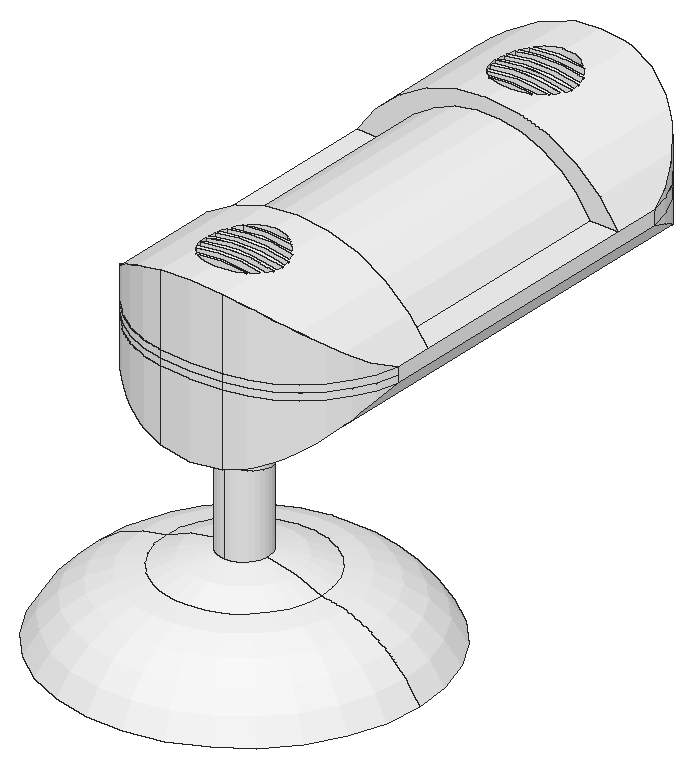
Revit family "3459A.1_NX_Wall_Mount_Occupancy_Sensors", category Communication Devices, host Face, Revit 2014
Parameters
  Warranty = "5-Years Warranty"  # constant formula
  Type Comments = "Wall Mount Occupancy Sensors\r"  # constant formula
  Product Page URL = "https://www.hubbell.com/hubbellcontrolsolutions/en/Products/Lighting-Controls/Lighting-Controls-Sensors/NX-Distributed-Intelligence-Lighting-Controls/NX-OccupancyVacancy-Sensors/p/220947"
  Product Documentation Link = "https://hubbellcdn.com/specsheet/3459A.1_NX_Wall_Mount_Occupancy_Sensors_Specification_Sheet.pdf"
  URL = "https://www.hubbell.com/hubbellcontrolsolutions/en"
  Power Requirements = "Powered by NX Room Controller using plenum rated CAT5 cables (ordered separately)"
  Patents = "U.S. Patents: 615129, 5946209, 5699243, 5640143, 6078253, D404326, 6222191, 5986357, 6759954\r\nPatent(s) Pending"
  Model = "NX Ceiling Mount Occupancy Sensors employ Passive Infrared\r\nand Ultrasonic sensing technologies to turn lighting on and off based\r\non occupancy"  # constant formula
  Manufacturer = "Hubbell Control Solutions"  # constant formula
  Sensing Element = Metal-Hubbell-Nickel
  Feartures = "• IntelliDAPT self-adaptive technology – no manual adjustment required\r\n• Occupancy or vacancy operation selectable per load when used with the\r\nNX Room Controller\r\n• All-digital sensor\r\n• Non-volatile memory for sensor settings\r\n• 500 to 2,500 square-foot coverage area (based on model)\r\n• Plug and play integration with NX Room Controller\r\n• UL and cUL listed\r\n• Low voltage device: 24 VDC"  # constant formula
  Description = "key component in a NX Network Lighting Control System, providing programmable switching and dimming control of the projects lighting circuits"  # constant formula
  Default Elevation = 48.00"
  Create Date = "10/12/2018"
  Copyright = "Copyright © 2018 Hubbell Control Solutions"  # constant formula
  Contact Us = "https://www.hubbell.com/hubbellcontrolsolutions/en/contactUs?productId=220947"
  Housing Material = Paint - Hubbell - Matte White
  Certifications = "UL and cUL listed"
  Assembly Code = "D5090"
Reference planes (in)
  plane 1 "Center (Front/Back)": y = 11.68155
  plane 2: z = 0
  plane 3 "Center (Left/Right)": x = 0
  plane 4: x = -1.41
  plane 5: x = 1.41
  plane 6: y = 13.09155
  plane 7: y = 10.27155
  plane 8: z = 3.72
  plane 9: through (0.87749, -180, 1.95871) normal (0.7071, 0, 0.7071)
Forms (in)
  Revolve 1, solid, material "Paint - Hubbell - Matte White" <- "Housing Material"
    sketch origin (0, 11.68155, 0) x (1, 0, 0) y (0, 0, 1)
      loop
        line (0, 0) -> (1.82999, 0)
        arc (1.82999, 0) -> (1.40849, 0.4728) -> (0.81222, 0.68649) r 1.28372
        arc (0.81222, 0.68649) -> (0.41744, 0.82505) -> (0, 0.85337) r 1.55552
        line (0, 0.85337) -> (0, 0)
      axis (0, 0.85337) -> (0, 0)
    angle from 0 to 360
  Sweep 2, solid, material "Paint - Hubbell - Matte White" <- "Housing Material"
    path origin (0, 0, 0) x (0, 1, 0) y (0, 0, 1)
      loop
        line (11.68155, 0.85427) -> (11.68155, 1.68006) -> (12.02357, 2.61976)
    profile origin (0, 11.68155, 1.26717) x (0, -1, 0) y (1, 0, 0)
      loop
        circle (0, 0) r 0.25
Dimensions and locks (in)
  plane 4 to plane 5 = 2.82"
  plane 7 to plane 6 = 2.82"
  equal spacing: plane 7, plane 1 "Center (Front/Back)", plane 6
  plane 5 to plane 4 = 2.82"
  plane 8 to plane 2 = 3.72"
  aligned and locked: plane 2 to host face
  aligned and locked: level to host face
  aligned and locked: Revolve 1 sketch curve to plane 3 "Center (Left/Right)"
Automatic sketch dimensions
  host sketch curve to host sketch curve = 96.00"  (x2)
  Revolve 1 sketch curve to level = 0.00"
  plane 3 "Center (Left/Right)" to Revolve 1 sketch curve = 0.00"
  plane 3 "Center (Left/Right)" to Revolve 1 sketch curve = 0.10439"
  Revolve 1 sketch curve to Revolve 1 sketch curve = 0.58626"
  Revolve 1 sketch curve to level = 0.59145"
  Revolve 1 sketch curve to Revolve 1 sketch curve = 0.10719"
  Revolve 1 sketch curve to plane 5 = 0.59778"
  plane 5 to Revolve 1 sketch curve = 0.41999"
  Revolve 1 sketch curve to Revolve 1 sketch curve = 23.30136"
  Revolve 1 sketch curve to plane 8 = 54.31668"
  Sweep 2 sketch curve to plane 1 "Center (Front/Back)" = 0.00"
  level to Sweep 2 sketch curve = 0.85427"
  Sweep 2 sketch curve to plane 1 "Center (Front/Back)" = 0.34202"
  Sweep 2 sketch curve to Sweep 2 sketch curve = 0.82579"
  Sweep 2 sketch curve to Sweep 2 sketch curve = 0.93969"
  Sweep 2 sketch curve to plane 3 "Center (Left/Right)" = 0.00"
  Sweep 2 sketch curve to profile plane = 0.00"
  radius of Sweep 2 sketch curve = 0.25"
Nested families (in)
  nested 1: "Family1" at (0, 13.58283, 2.80957) x (-1, 0, 0) z (0, 0, 1), type "Family1"
Definition of nested family "Family1"
  Parameters (values of type "Family1")
    housing = Paint - Hubbell - Matte White
    Sensing material = Paint - Hubbell - Textured Camera Black
  Reference planes (in)
    plane 1 "Center (Front/Back)": y = 0
    plane 2: z = 0
    plane 3 "Center (Left/Right)": x = 0
    plane 4: x = -1.365
    plane 5: x = 1.365
    plane 6: y = 2.74
    plane 7: y = -2.74
    plane 8: z = 0.93
    plane 9: z = -0.93
  Forms (in)
    Extrusion 1, solid
      sketch origin (0, 0, 0) x (1, 0, 0) y (0, 1, 0)
        loop
          arc (-1.365, -1.74827) -> (-1.00674, -2.41289) -> (-0.32626, -2.74) r 1.22166
          arc (-0.32626, -2.74) -> (0, -2.76592) -> (0.32626, -2.74) r 2.06591
          arc (0.32626, -2.74) -> (1.00674, -2.41289) -> (1.365, -1.74827) r 1.22166
          line (1.365, -1.74827) -> (1.365, 1.73264)
          arc (1.365, 1.73264) -> (1.00674, 2.39726) -> (0.32626, 2.72437) r 1.22166
          arc (0.32626, 2.72437) -> (0, 2.7503) -> (-0.32626, 2.72437) r 2.06591
          arc (-0.32626, 2.72437) -> (-1.00674, 2.39726) -> (-1.365, 1.73264) r 1.22166
          line (-1.365, 1.73264) -> (-1.365, -1.74827)
      from -0.075 to 0.075
    Sweep 2, solid, material "Paint - Hubbell - Matte White" <- "housing"
      path origin (0, 0, 0) x (1, 0, 0) y (0, 1, 0)
        loop
          line (0, 2.75) -> (0, -2.75)
      profile origin (0, 0, 0) x (1, 0, 0) y (0, 0, 1)
        loop
          line (-1.365, 0.075) -> (1.365, 0.075)
          arc (1.365, 0.075) -> (0, 0.8515) -> (-1.365, 0.075) r 1.58801
    Extrusion 3, void
      sketch origin (0, 0, 0) x (1, 0, 0) y (0, 1, 0)
        loop
          line (-1.365, -1.74827) -> (-1.365, -2.84375) -> (1.365, -2.84375) -> (1.365, -1.74827)
          arc (1.365, -1.74827) -> (1.00674, -2.41289) -> (0.32626, -2.74) r 1.22166
          arc (0.32626, -2.74) -> (0, -2.76592) -> (-0.32626, -2.74) r 2.06591
          arc (-0.32626, -2.74) -> (-1.00674, -2.41289) -> (-1.365, -1.74827) r 1.22166
        loop
          arc (-1.365, 1.59202) -> (-1.00674, 2.25664) -> (-0.32626, 2.58375) r 1.22166
          arc (-0.32626, 2.58375) -> (0, 2.60967) -> (0.32626, 2.58375) r 2.06591
          arc (0.32626, 2.58375) -> (1.00674, 2.25664) -> (1.365, 1.59202) r 1.22166
          line (1.365, 1.59202) -> (1.365, 2.84375) -> (-1.365, 2.84375) -> (-1.365, 1.59202)
      from -0.93 to 0.93
    Extrusion 4, solid, material "Paint - Hubbell - Matte White" <- "housing"
      sketch origin (0, 0, 0) x (0, -1, 0) y (1, 0, 0)
        loop
          arc (1.74827, -1.365) -> (2.41289, -1.00674) -> (2.74, -0.32626) r 1.22166
          arc (2.74, -0.32626) -> (2.76592, 0) -> (2.74, 0.32626) r 2.06591
          arc (2.74, 0.32626) -> (2.41289, 1.00674) -> (1.74827, 1.365) r 1.22166
          line (1.74827, 1.365) -> (-1.73264, 1.365)
          arc (-1.73264, 1.365) -> (-2.39726, 1.00674) -> (-2.72437, 0.32626) r 1.22166
          arc (-2.72437, 0.32626) -> (-2.7503, 0) -> (-2.72437, -0.32626) r 2.06591
          arc (-2.72437, -0.32626) -> (-2.39726, -1.00674) -> (-1.73264, -1.365) r 1.22166
          line (-1.73264, -1.365) -> (1.74827, -1.365)
      from -0.075 to 0.075
    Sweep 5, solid, material "Paint - Hubbell - Matte White" <- "housing"
      path origin (0, 0, 0.075) x (0, -1, 0) y (1, 0, 0)
        loop
          line (-2.75, 0) -> (2.75, 0)
      profile origin (0, 0, 0.075) x (1, 0, 0) y (0, 0, 1)
        loop
          arc (-1.365, -0.15) -> (0, -0.9265) -> (1.365, -0.15) r 1.58801
          line (1.365, -0.15) -> (-1.365, -0.15)
    Extrusion 6, void
      sketch origin (0, 0, 0) x (0, -1, 0) y (1, 0, 0)
        loop
          line (1.74827, -1.365) -> (2.84375, -1.365) -> (2.84375, 1.365) -> (1.74827, 1.365)
          arc (1.74827, 1.365) -> (2.41289, 1.00674) -> (2.74, 0.32626) r 1.22166
          arc (2.74, 0.32626) -> (2.76592, 0) -> (2.74, -0.32626) r 2.06591
          arc (2.74, -0.32626) -> (2.41289, -1.00674) -> (1.74827, -1.365) r 1.22166
        loop
          arc (-1.59202, -1.365) -> (-2.25664, -1.00674) -> (-2.58375, -0.32626) r 1.22166
          arc (-2.58375, -0.32626) -> (-2.60967, 0) -> (-2.58375, 0.32626) r 2.06591
          arc (-2.58375, 0.32626) -> (-2.25664, 1.00674) -> (-1.59202, 1.365) r 1.22166
          line (-1.59202, 1.365) -> (-2.84375, 1.365) -> (-2.84375, -1.365) -> (-1.59202, -1.365)
      from 0 to 2.51239
    Sweep 7, void
      path origin (0, 0.21875, 0) x (1, 0, 0) y (0, 1, 0)
        loop
          line (0, 1) -> (0, -1.5)
      profile origin (0, -0.03125, 0) x (1, 0, 0) y (0, 0, 1)
        loop
          line (-1.365, 0.075) -> (-1.06382, 0.075)
          arc (-1.06382, 0.075) -> (0, 0.69868) -> (1.06382, 0.075) r 1.21913
          line (1.06382, 0.075) -> (1.365, 0.075)
          arc (1.365, 0.075) -> (0, 0.8515) -> (-1.365, 0.075) r 1.58801
    Extrusion 8, void
      sketch origin (0, 0, 0) x (1, 0, 0) y (0, 1, 0)
        loop
          line (-0.2626, 2.20128) -> (0.2626, 2.20128)
          arc (0.2626, 2.20128) -> (0, 2.29997) -> (-0.2626, 2.20128) r 0.39869
        loop
          arc (-0.29067, 2.17416) -> (-0.31897, 2.14048) -> (-0.34338, 2.10388) r 0.39869
          line (-0.34338, 2.10388) -> (0.34338, 2.10388)
          arc (0.34338, 2.10388) -> (0.31897, 2.14048) -> (0.29067, 2.17416) r 0.39869
          line (0.29067, 2.17416) -> (-0.29067, 2.17416)
        loop
          arc (-0.35988, 2.07286) -> (-0.3744, 2.03832) -> (-0.38561, 2.00258) r 0.39869
          line (-0.38561, 2.00258) -> (0.38561, 2.00258)
          arc (0.38561, 2.00258) -> (0.3744, 2.03832) -> (0.35988, 2.07286) r 0.39869
          line (0.35988, 2.07286) -> (-0.35988, 2.07286)
        loop
          arc (-0.39245, 1.97156) -> (-0.39713, 1.93656) -> (-0.39869, 1.90128) r 0.39869
          line (-0.39869, 1.90128) -> (0.39869, 1.90128)
          arc (0.39869, 1.90128) -> (0.39713, 1.93656) -> (0.39245, 1.97156) r 0.39869
          line (0.39245, 1.97156) -> (-0.39245, 1.97156)
        loop
          arc (-0.39748, 1.87025) -> (-0.39356, 1.8375) -> (-0.38694, 1.80518) r 0.39869
          line (-0.38694, 1.80518) -> (0.38694, 1.80518)
          arc (0.38694, 1.80518) -> (0.39356, 1.8375) -> (0.39748, 1.87025) r 0.39869
          line (0.39748, 1.87025) -> (-0.39748, 1.87025)
        loop
          arc (-0.37788, 1.77416) -> (-0.36291, 1.7362) -> (-0.34414, 1.69998) r 0.39869
          line (-0.34414, 1.69998) -> (0.34414, 1.69998)
          arc (0.34414, 1.69998) -> (0.36291, 1.7362) -> (0.37788, 1.77416) r 0.39869
          line (0.37788, 1.77416) -> (-0.37788, 1.77416)
        loop
          arc (-0.32677, 1.67286) -> (-0.29552, 1.63365) -> (-0.25959, 1.59867) r 0.39869
          line (-0.25959, 1.59867) -> (0.25959, 1.59867)
          arc (0.25959, 1.59867) -> (0.29552, 1.63365) -> (0.32677, 1.67286) r 0.39869
          line (0.32677, 1.67286) -> (-0.32677, 1.67286)
        loop
          arc (-0.22414, 1.57156) -> (0, 1.50259) -> (0.22414, 1.57156) r 0.39869
          line (0.22414, 1.57156) -> (-0.22414, 1.57156)
        loop
          arc (-0.2626, -2.20128) -> (0, -2.29997) -> (0.2626, -2.20128) r 0.39869
          line (0.2626, -2.20128) -> (-0.2626, -2.20128)
        loop
          line (-0.29067, -2.17416) -> (0.29067, -2.17416)
          arc (0.29067, -2.17416) -> (0.31897, -2.14048) -> (0.34338, -2.10388) r 0.39869
          line (0.34338, -2.10388) -> (-0.34338, -2.10388)
          arc (-0.34338, -2.10388) -> (-0.31897, -2.14048) -> (-0.29067, -2.17416) r 0.39869
        loop
          line (-0.35988, -2.07286) -> (0.35988, -2.07286)
          arc (0.35988, -2.07286) -> (0.3744, -2.03832) -> (0.38561, -2.00258) r 0.39869
          line (0.38561, -2.00258) -> (-0.38561, -2.00258)
          arc (-0.38561, -2.00258) -> (-0.3744, -2.03832) -> (-0.35988, -2.07286) r 0.39869
        loop
          line (-0.39245, -1.97156) -> (0.39245, -1.97156)
          arc (0.39245, -1.97156) -> (0.39713, -1.93656) -> (0.39869, -1.90128) r 0.39869
          line (0.39869, -1.90128) -> (-0.39869, -1.90128)
          arc (-0.39869, -1.90128) -> (-0.39713, -1.93656) -> (-0.39245, -1.97156) r 0.39869
        loop
          line (-0.39748, -1.87025) -> (0.39748, -1.87025)
          arc (0.39748, -1.87025) -> (0.39356, -1.8375) -> (0.38694, -1.80518) r 0.39869
          line (0.38694, -1.80518) -> (-0.38694, -1.80518)
          arc (-0.38694, -1.80518) -> (-0.39356, -1.8375) -> (-0.39748, -1.87025) r 0.39869
        loop
          line (-0.37788, -1.77416) -> (0.37788, -1.77416)
          arc (0.37788, -1.77416) -> (0.36291, -1.7362) -> (0.34414, -1.69998) r 0.39869
          line (0.34414, -1.69998) -> (-0.34414, -1.69998)
          arc (-0.34414, -1.69998) -> (-0.36291, -1.7362) -> (-0.37788, -1.77416) r 0.39869
        loop
          line (-0.32677, -1.67286) -> (0.32677, -1.67286)
          arc (0.32677, -1.67286) -> (0.29552, -1.63365) -> (0.25959, -1.59867) r 0.39869
          line (0.25959, -1.59867) -> (-0.25959, -1.59867)
          arc (-0.25959, -1.59867) -> (-0.29552, -1.63365) -> (-0.32677, -1.67286) r 0.39869
        loop
          line (-0.22414, -1.57156) -> (0.22414, -1.57156)
          arc (0.22414, -1.57156) -> (0, -1.50259) -> (-0.22414, -1.57156) r 0.39869
      from 0 to 1
    Extrusion 9, solid, material "Paint - Hubbell - Textured Camera Black" <- "Sensing material"
      sketch origin (0, 0, 0) x (1, 0, 0) y (0, 1, 0)
        loop
          circle (0, 1.90128) r 0.23395
        loop
          circle (0, -1.90258) r 0.23395
      from 0 to 0.52525
    Extrusion 10, void
      sketch origin (0, 0, 0) x (0, 1, 0) y (0, 0, 1)
        loop
          arc (0.27944, -0.93) -> (0.14952, -0.54931) -> (-0.21875, -0.3875) r 0.5
          line (-0.21875, -0.3875) -> (-2.76592, -0.3875) -> (-2.76592, -0.93) -> (0.27944, -0.93)
      from -2.72838 to 1
  Cuts and joins
    Extrusion 3, Extrusion 6, Sweep 7, Extrusion 8 cuts Extrusion 1
    Extrusion 3, Extrusion 6, Sweep 7, Extrusion 8 cuts Sweep 2
    Extrusion 3, Extrusion 6, Sweep 7, Extrusion 8 cuts Extrusion 4
    Extrusion 3, Extrusion 6, Extrusion 10 cuts Sweep 5
  Dimensions and locks (in)
    aligned and locked: plane 2 to level
    aligned and locked: cut or joined group of Extrusion 3, Sweep 5, Extrusion 6, Extrusion 10 to cut or joined group of Extrusion 3, Extrusion 4, Extrusion 6, Sweep 7, Extrusion 8
    aligned and locked: Extrusion 3 to plane 9
    aligned and locked: plane 8 to Extrusion 3
